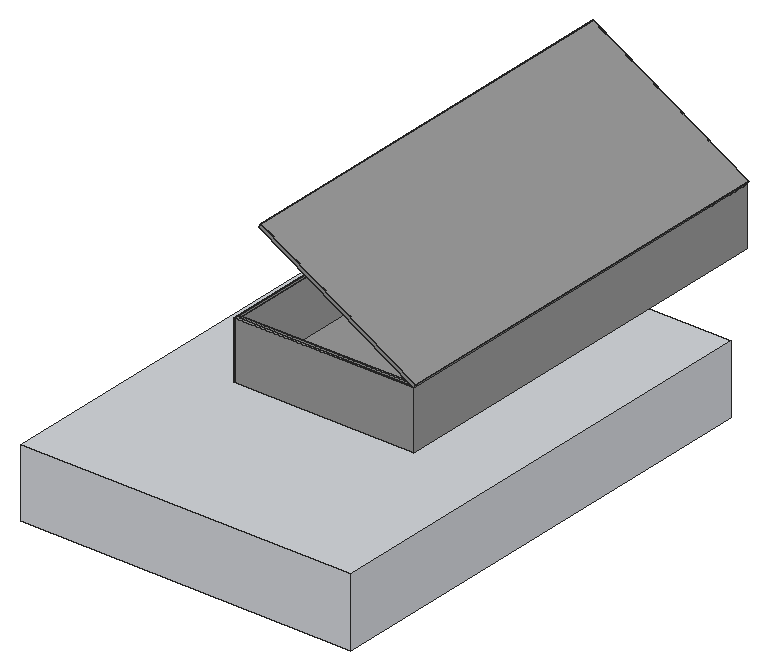
Revit family "Hager-Univers-IP41-D275-H1850-Cl.I-Steel_encl-PL-en", category Equipement électrique, Revit 2020
Family settings
  Hôte = Face
  Configuration du panneau = Deux colonnes, circuits au sein
  Cote de connecteur circulaire = Utiliser le diamètre
  Type d'élément = Tableau de raccordement
  Couper avec des vides une fois chargée = Non
  Partagée = Non
  Point de calcul de pièce = Non
Parameters (values of type "Surface mounted (plaster) IP41 W800 H1850 D275  - FS23E")
  Width Control [instance] = if([EF000008 - Width] > Min Width, [EF000008 - Width], Min Width)  # 800 mm
  Commentaires du type = [HG000003 - Range]  # "Univers"
  Thickness Door [instance] = if([EF009171 - Material plate thickness door/cover] > 3 mm, 3 mm, [EF009171 - Material plate thickness door/cover])  # 1.5 mm
  Seal Frame Offset [instance] = 17 mm  # constant formula
  Plinth Visibility [instance] = [HG000027 - Plinth height] > 0 mm  # no
  Model = ""
  Min Width [instance] = 100 mm  # constant formula
  Min Height [instance] = 100 mm  # constant formula
  Min Depth [instance] = (2 * [EF009170 - Material plate thickness cabinet]) + 1 mm  # 4 mm
  Internal Frame Depth [instance] = (Door System Depth * 0.5)  # 9 mm
  Height Control [instance] = if([EF000040 - Height] > Min Height, [EF000040 - Height], Min Height)  # 1850 mm
  HG000027 - Plinth height = 0 mm
  HG000026 - Floor standing = no
  HG000024 - Bottom section height = 800 mm
  HG000023 - Double section enclosure = no
  HG000016 - Door 3d visibility [instance] = yes
  HG000015 - Clearance visibility [instance] = no
  HG000014 - Door on the right [instance] = yes
  HG000013 - Door on the left [instance] = not([HG000014 - Door on the right])  # no
  HG000012 - Door swing angle [instance] = 30.00°
  HG000010 - Asymmetric doors = no
  HG000009 - Double swing door = no
  HG000006 - Flush mounted = no
  HG000004 - Manufacturer reference = "FS23E"
  HG000003 - Range = "Univers"
  HG000002 - With door or cover = yes
  Frame Offset Bottom [instance] = 10 mm  # constant formula
  Frame Offset [instance] = 15 mm  # constant formula
  EF015940 - Cover with overpressure release = no
  EF011959 - Degree of protection (NEMA) = ""
  EF009554 - Number of openings for flange plates = 6
  EF009212 - Cover model = "EV000116 - Closed"
  EF009171 - Material plate thickness door/cover = 1.5 mm
  EF009170 - Material plate thickness cabinet = 1.5 mm
  Fabricant = "Hager"  # constant formula
  EF008873 - Nominal current (In) = 630 A
  EF007800 - Suitable for lightning protection = no
  EF006306 - With lock = no
  EF006244 - Transparent cover/door = no
  EF005474 - Degree of protection (IP) = "EV006416 - IP41"
  EF004464 - Type of door = "EV002646 - Single"
  EF004427 - Number of modules = 432
  EF004293 - Impact strength = "EV006813 - IK07"
  EF003532 - Suitable for outdoor use = no
  EF002950 - Width in number of modular spacings = 24
  EF001613 - Circuit integrity = "EV000494 - None"
  EF001596 - Material housing = "EV000179 - Steel"
  EF001131 - Internal depth = 275 mm
  EF001088 - Extension possible = yes
  EF000437 - Number of conduit inlets = 6
  EF000339 - Type of cover = "EV004216 - Door"
  EF000266 - Number of rows = 12
  EF000218 - Built-in depth = 0 mm
  EF000118 - With mounting plate = no
  EF000116 - RAL-number = "7035"
  EF000049 - Depth = 275 mm
  EF000040 - Height = 1850 mm
  EF000008 - Width = 800 mm
  EF000007 - Colour = "EV000270 - Grey"
  EF000003 - Mounting method = "EV000384 - Surface mounted (plaster)"
  Door System Leaf Tolerance [instance] = 1.5 mm  # constant formula
  Door System Depth [instance] = 18 mm  # constant formula
  Door Height [instance] = Height Control - [HG000027 - Plinth height]  # 1850 mm
  Depth Control [instance] = if([EF000049 - Depth] > Min Depth, [EF000049 - Depth], Min Depth)  # 275 mm
  Default Elevation = 0 mm
  Connector Offset [instance] = Height Control / 2  # 925 mm
  Bottom Top Plate Trim [instance] = 1.5 mm  # constant formula
  Plinth height Ctrl [instance] = if([HG000027 - Plinth height] > 0 mm, [HG000027 - Plinth height], 12 mm)  # 12 mm
Types (5, lengths in mm): name | Width Control | HG000009 - Double swing door | HG000004 - Manufacturer reference | EF009554 - Number of openings for flange plates | EF004464 - Type of door | EF004427 - Number of modules | EF000437 - Number of conduit inlets | EF000008 - Width
  Surface mounted (plaster) IP41 W1050 H1850 D275  - FS24E | 1050 | yes | "FS24E" | 8 | "EV003602 - Double" | 576 | 8 | 1050
  Surface mounted (plaster) IP41 W1300 H1850 D275  - FS25E | 1300 | yes | "FS25E" | 10 | "EV003602 - Double" | 720 | 10 | 1300
  Surface mounted (plaster) IP41 W300 H1850 D275  - FS21E | 300 | no | "FS21E" | 2 | "EV002646 - Single" | 144 | 2 | 300
  Surface mounted (plaster) IP41 W550 H1850 D275  - FS22E | 550 | no | "FS22E" | 4 | "EV002646 - Single" | 288 | 4 | 550
  Surface mounted (plaster) IP41 W800 H1850 D275  - FS23E | 800 | no | "FS23E" | 6 | "EV002646 - Single" | 432 | 6 | 800
Reference planes
  plane 1 "Center (Front/Back)": y = 0
  plane 2: z = 0
  plane 3 "Center (Left/Right)": x = 0
  plane 4: z = 275
  plane 5: y = 1.5
  plane 6: y = 925
  plane 7: y = 0
  plane 8: y = 1850
  plane 9: z = 0
  plane 10: x = -385
  plane 11: x = 385
  plane 12: x = 383.5
  plane 13: x = -383.5
  plane 14: y = 1848.5
  plane 15: x = -383
  plane 16: x = -400
  plane 17: x = 383
  plane 18: x = 400
  plane 19: x = 398.5
  plane 20: x = -398.5
  plane 21: y = 11.5
  plane 22: y = 1850
  plane 23: y = 1833.5
  plane 24: z = 257
  plane 25: z = 1.5
  plane 26: z = 255.5
  plane 27: z = 273.5
Forms (mm)
  Extrusion 1, solid
    sketch origin (0, 0, 0) x (1, 0, 0) y (0, 1, 0)
      loop
        line (-702.964, 1305) -> (-702.964, -811.445) -> (766.763, -811.445) -> (766.763, 1305) -> (-702.964, 1305)
    from 0 to -304.8
  Extrusion 2, solid, material "Hager_Steel_RAL7035_Light_Grey", visible <- "Plinth Visibility", detail levels medium+fine
    sketch origin (0, 0, 0) x (1, 0, 0) y (0, 1, 0)
      loop
        line (-400, 0) -> (400, 0) -> (400, 12) -> (-400, 12) -> (-400, 0)
    from 0 to 257
  Extrusion 3, solid, material "Hager_Steel_RAL7035_Light_Grey", detail levels medium+fine
    sketch origin (0, 0, 0) x (1, 0, 0) y (0, 1, 0)
      loop
        line (-400, 0) -> (400, 0) -> (400, 1850) -> (-400, 1850) -> (-400, 0)
    from 0 to 257
  Extrusion 4, void
    sketch origin (0, 0, 0) x (1, 0, 0) y (0, 1, 0)
      loop
        line (-398.5, 1.5) -> (398.5, 1.5) -> (398.5, 1848.5) -> (-398.5, 1848.5) -> (-398.5, 1.5)
    from 1.5 to 255.5
  Extrusion 5, void
    sketch origin (-381.607, -4572, 257) x (0, -1, 0) y (-1, 0, 0)
      loop
        line (-4583.5, 1.893) -> (-6405.5, 1.893) -> (-6405.5, -765.107) -> (-4583.5, -765.107) -> (-4583.5, 1.893)
    from 0 to 1.5 <- "EF009170 - Material plate thickness cabinet"
  Extrusion 6, solid, material "Hager_Steel_RAL7035_Light_Grey", detail levels fine
    sketch origin (0, 0, 257) x (1, 0, 0) y (0, 1, 0)
      loop
        line (-383.5, 1833.5) -> (-383.5, 11.5) -> (383.5, 11.5) -> (383.5, 1833.5) -> (-383.5, 1833.5)
      loop
        line (-385, 10) -> (385, 10) -> (385, 1835) -> (-385, 1835) -> (-385, 10)
    from 0 to 9 <- "Internal Frame Depth"
  Extrusion 7, solid, material "Hager_Steel_RAL7035_Light_Grey", detail levels coarse
    sketch origin (0, 0, 0) x (1, 0, 0) y (0, 1, 0)
      loop
        line (-400, 0) -> (400, 0) -> (400, 1850) -> (-400, 1850) -> (-400, 0)
    from 0 to 275
  Sweep 8, void
    path in 3D
      loop
        line (-400, 12, 0) -> (400, 12, 0) -> (400, 12, 257) -> (-400, 12, 257) -> (-400, 12, 0)
    profile origin (-400, 12, 128.5) x (-1, 0, 0) y (0, -1, 0)
      loop
        line (0, 0) -> (0, 1.5) -> (-1.5, 1.5)
        arc (-1.5, 1.5) -> (-1.061, 0.439) -> (0, 0) r 1.5
Cuts and joins
  Extrusion 4, Extrusion 5 cuts Extrusion 3
  Sweep 8 cuts Extrusion 2
Lines and regions (mm)
  Masking region 1
    outline origin (0, 0, 0) x (1, 0, 0) y (0, 0, 1)
      loop
        line (-400, 275) -> (-400, 0) -> (400, 0) -> (400, 275) -> (-400, 275)
  Masking region 2, detail levels medium+fine
    outline origin (0, 140, 0) x (0, 1, 0) y (0, 0, 1)
      loop
        line (-140, 0) -> (1710, 0) -> (1710, 257) -> (-140, 257) -> (-140, 0)
  Masking region 3, not visible, detail levels medium+fine
    outline origin (0, 297.922, 0) x (0, 1, 0) y (0, 0, 1)
      loop
        line (638.578, 0) -> (678.578, 0) -> (678.578, 263.5)
        arc (678.578, 263.5) -> (675.649, 270.571) -> (668.578, 273.5) r 10
        line (668.578, 273.5) -> (638.578, 273.5) -> (638.578, 0)
  Masking region 4, detail levels coarse
    outline origin (0, 0, 180) x (0, 1, 0) y (0, 0, 1)
      loop
        line (0, -180) -> (1850, -180) -> (1850, 95) -> (0, 95) -> (0, -180)
  Masking region 5, visible <- "Plinth Visibility", detail levels medium+fine
    outline origin (0, 52.24, 12.345) x (0, 0, -1) y (0, 1, 0)
      loop
        line (10.845, -40.24) -> (-243.155, -40.24)
        arc (-243.155, -40.24) -> (-243.594, -41.301) -> (-244.655, -41.74) r 1.5
        line (-244.655, -41.74) -> (-244.655, -52.24) -> (12.345, -52.24) -> (12.345, -41.74)
        arc (12.345, -41.74) -> (11.285, -41.301) -> (10.845, -40.24) r 1.5
  Masking region 6, detail levels medium+fine
    outline origin (-381.607, -4572, 257) x (-1, 0, 0) y (0, -1, 0)
      loop
        line (18.393, -6422) -> (18.393, -4572) -> (-781.607, -4572) -> (-781.607, -6422) -> (18.393, -6422)
  Masking region 7, visible <- "Plinth Visibility", detail levels medium+fine
    outline origin (-381.607, -4727, 257) x (-1, 0, 0) y (0, -1, 0)
      loop
        arc (16.893, -4739) -> (17.332, -4737.939) -> (18.393, -4737.5) r 1.5
        line (18.393, -4737.5) -> (18.393, -4727) -> (-781.607, -4727) -> (-781.607, -4737.5)
        arc (-781.607, -4737.5) -> (-780.546, -4737.939) -> (-780.107, -4739) r 1.5
        line (-780.107, -4739) -> (16.893, -4739)
  Masking region 8, detail levels coarse
    outline origin (-442.548, -4669.526, 257) x (-1, 0, 0) y (0, -1, 0)
      loop
        line (-42.548, -6519.526) -> (-42.548, -4669.526) -> (-842.548, -4669.526) -> (-842.548, -6519.526) -> (-42.548, -6519.526)
  sketch lines
    curve 1: line (-400, 12, 257) -> (-400, 12, 0)
    curve 2: line (400, 12, 257) -> (-400, 12, 257)
    curve 3: line (400, 12, 257) -> (400, 12, 0)
    curve 4: line (-400, 12, 0) -> (400, 12, 0)
Dimensions and locks
  "Depth Control": plane 4 to Extrusion 1
  "HG000027 - Plinth height": plane 1 "Center (Front/Back)" to plane 7
  "EF009170 - Material plate thickness cabinet": plane 5 to plane 7
  locked: connector elem to plane 3 "Center (Left/Right)"
  equal spacing: plane 8, plane 6, plane 7
  locked: connector elem to plane 6
  "EF009170 - Material plate thickness cabinet": plane 8 to plane 14
  "EF009170 - Material plate thickness cabinet": plane 10 to plane 13
  "EF009170 - Material plate thickness cabinet": plane 12 to plane 11
  "Frame Offset": plane 20 to plane 13
  "Frame Offset": plane 12 to plane 19
  "EF009170 - Material plate thickness cabinet": plane 16 to plane 20
  "EF009170 - Material plate thickness cabinet": plane 19 to plane 18
  "Seal Frame Offset": plane 16 to plane 15
  "Seal Frame Offset": plane 17 to plane 18
  "Frame Offset Bottom": plane 21 to plane 5
  "Frame Offset": plane 14 to plane 23
  equal spacing: plane 16, plane 3 "Center (Left/Right)", plane 18
  "Width Control": plane 16 to plane 18
  "EF009170 - Material plate thickness cabinet": plane 4 to plane 27
  "EF009170 - Material plate thickness cabinet": plane 24 to plane 26
  "EF009170 - Material plate thickness cabinet": plane 25 to level
  "Door System Depth": plane 4 to plane 24
  "Height Control": plane 1 "Center (Front/Back)" to Extrusion 7 sketch curve
  "Height Control": Masking region 4 sketch curve to plane 1 "Center (Front/Back)"
  "Height Control": plane 1 "Center (Front/Back)" to plane 22
  "Bottom Top Plate Trim": profile plane to Sweep 8 sketch curve
  "Bottom Top Plate Trim": Sweep 8 sketch curve to profile plane
  "Plinth height Ctrl": plane 1 "Center (Front/Back)" to Extrusion 2 sketch curve
  "Plinth height Ctrl": Masking region 5 sketch curve to plane 1 "Center (Front/Back)"
  "Plinth height Ctrl": plane 1 "Center (Front/Back)" to Masking region 7 sketch curve
  "Thickness Door": Extrusion 6 sketch curve to Extrusion 6 sketch curve  (x3)
  "Thickness Door": cut or joined group of Extrusion 3, Extrusion 4, Extrusion 5 to Extrusion 6 sketch curve
  radius of Masking region 3 sketch curve = 10 mm
  "Bottom Top Plate Trim": radius of Masking region 5 sketch curve  (x2)
  "Bottom Top Plate Trim": radius of Sweep 8 sketch curve
  "Bottom Top Plate Trim": radius of Masking region 7 sketch curve  (x2)
  aligned and locked: plane 2 to Extrusion 1
  aligned and locked: level to Extrusion 1
  aligned and locked: level to Masking region 1 sketch curve
  aligned and locked: Masking region 1 sketch curve to plane 18
  aligned and locked: Masking region 1 sketch curve to plane 16
  aligned and locked: plane 7 to Masking region 2 sketch curve
  aligned and locked: level to Masking region 3 sketch curve
  aligned and locked: Masking region 3 sketch curve to plane 27
  aligned and locked: level to Masking region 2 sketch curve
  aligned and locked: plane 1 "Center (Front/Back)" to Extrusion 2 sketch curve
  aligned and locked: Extrusion 3 sketch curve to plane 7
  aligned and locked: plane 16 to Extrusion 3 sketch curve
  aligned and locked: plane 18 to Extrusion 3 sketch curve
  aligned and locked: plane 20 to Extrusion 4 sketch curve
  aligned and locked: plane 19 to Extrusion 4 sketch curve
  aligned and locked: Extrusion 4 sketch curve to plane 5
  aligned and locked: Extrusion 4 to plane 25
  aligned and locked: plane 26 to Extrusion 4
  aligned and locked: plane 24 to Extrusion 3
  aligned and locked: Extrusion 5 sketch curve to plane 21
  aligned and locked: Extrusion 5 sketch curve to plane 13
  aligned and locked: Extrusion 5 sketch curve to plane 12
  aligned and locked: plane 18 to Extrusion 7 sketch curve
  aligned and locked: plane 1 "Center (Front/Back)" to Extrusion 7 sketch curve
  aligned and locked: plane 16 to Extrusion 7 sketch curve
  aligned and locked: plane 4 to Extrusion 7
  aligned and locked: Extrusion 7 to level
  aligned and locked: level to Masking region 4 sketch curve
  aligned and locked: Masking region 4 sketch curve to plane 1 "Center (Front/Back)"
  aligned and locked: Masking region 4 sketch curve to plane 4
  aligned and locked: nested 1 to level
  aligned and locked: nested 1 to plane 16
  aligned and locked: plane 8 to Extrusion 3 sketch curve
  aligned and locked: plane 23 to Extrusion 5 sketch curve
  aligned and locked: plane 14 to Extrusion 4 sketch curve
  aligned and locked: Masking region 2 sketch curve to plane 8
  aligned and locked: level to Masking region 5 sketch curve
  aligned and locked: plane 16 to Extrusion 2 sketch curve
  aligned and locked: plane 18 to Extrusion 2 sketch curve
  aligned and locked: Masking region 5 sketch curve to plane 24
  aligned and locked: Masking region 2 sketch curve to plane 24
  aligned and locked: plane 24 to Extrusion 2
  aligned and locked: profile plane to Sweep 8 sketch curve  (x2)
  aligned and locked: Masking region 6 sketch curve to plane 18
  aligned and locked: Masking region 6 sketch curve to plane 22
  aligned and locked: Masking region 6 sketch curve to plane 16
  aligned and locked: plane 8 to plane 22
  aligned and locked: Masking region 6 sketch curve to plane 7
  aligned and locked: Masking region 7 sketch curve to plane 16
  aligned and locked: Masking region 7 sketch curve to plane 1 "Center (Front/Back)"
  aligned and locked: Masking region 7 sketch curve to plane 18
  aligned and locked: Masking region 8 sketch curve to plane 1 "Center (Front/Back)"
  aligned and locked: Masking region 8 sketch curve to plane 18
  aligned and locked: Masking region 8 sketch curve to plane 22
  aligned and locked: Masking region 8 sketch curve to plane 16
  aligned and locked: nested 2 to plane 7
  aligned and locked: plane 3 "Center (Left/Right)" to nested 2
  aligned and locked: nested 2 to plane 24
  aligned and locked: Extrusion 6 sketch curve to cut or joined group of Extrusion 3, Extrusion 4, Extrusion 5  (x4)
Automatic sketch dimensions
  Extrusion 1 sketch curve to Extrusion 1 sketch curve = 1469.727 mm
  Extrusion 1 sketch curve to Extrusion 1 sketch curve = 2116.445 mm
  Masking region 1 sketch curve to plane 4 = 0 mm
  plane 6 to Masking region 3 sketch curve = 11.5 mm
  Masking region 3 sketch curve to Masking region 3 sketch curve = 30 mm
  Masking region 5 sketch curve to plane 1 "Center (Front/Back)" = 0 mm
Nested families
  nested 1: "Hager_Enclosure_Symbol" at (-400, 0, 0) x (1, 0, 0) z (0, -1, 0), Height <- "Depth Control", Width <- "Width Control", type "Hager_Enclosure_Symbol"
    with Width_Ctrl 800 mm, Width 800 mm, Height_Ctrl 275 mm, Height 275 mm, A_Width_Int 18.047 mm, A_Width 216.562 mm, A_Height_Ctrl 240.625 mm, A_Height 240.625 mm
  nested 2: "EC000058_Univers_Door" at (0, 0, 257) x (1, 0, 0) z (0, 1, 0), Leaf_Tolerance <- "Door System Leaf Tolerance", Angle <- "HG000012 - Door swing angle", Door_Depth <- "Door System Depth", Door_Left <- "HG000013 - Door on the left", Transparent <- "EF006244 - Transparent cover/door", Assymetrical <- "HG000010 - Asymmetric doors", Width <- "Width Control", Clearance <- "HG000015 - Clearance visibility", Double <- "HG000009 - Double swing door", 3d_Door <- "HG000016 - Door 3d visibility", Lock_Visibility <- "EF006306 - With lock", Width_Ctrl <- "Width Control", Door_Right <- "HG000014 - Door on the right", Door <- "HG000002 - With door or cover", Height <- "Door Height", Thickness <- "Thickness Door", type "EC000058_Univers_Door", detail levels medium+fine
    with min_wh 4 mm, Width_Ctrl 800 mm, Width 800 mm, Transparent no, Thickness 1.5 mm, Seal_Material Hager_Rubber, Lock_Visibility no, Lock_Material Hager_Plastic_RAL9005_Jet_Black, Leaf_Width 800 mm, Leaf_Tolerance_External_Sides 0 mm, Leaf_Tolerance 1.5 mm, Leaf_Offset 0 mm, Leaf_Height 1847 mm, Leaf_2_Width 800 mm, Leaf_2_Offset 400 mm, Leaf_1_Width 800 mm, Leaf_1_Offset 400 mm, Height_Ctrl 1850 mm, Height 1850 mm, Glass_Material Hager_Glass, Double_Clearance_Ctrl no, Double no, Door_Right_Ctrl yes, Door_Right yes, Door_Material Hager_Steel_RAL7035_Light_Grey, Door_Left_Ctrl no, Door_Left no, Door_Depth 18 mm, Door yes, Clearance_Material Hager_Clearance, Clearance_Depth 800 mm, Clearance_Ctrl no, Clearance no, Assymetrical no, Angle 30.00°, 3d_Door yes
Connectors
  electrical at (0, 925, 0)
    settings: on plane 9, index 1, voltage 0 V, apparent load 0 VA, apparent load phase1 0 VA, apparent load phase2 0 VA, apparent load phase3 0 VA, power factor 1, load classification "Other", number of poles 1, system type 30, power factor state 1, is connector primary yes, connector utility no, sub classification motor no, connector description ""
Definition of nested family "EC000058_Univers_Door"
  Parameters (values of type "EC000058_Univers_Door")
    min_wh [instance] = (2 * Thickness) + 1 mm  # 11 mm
    Width_Ctrl [instance] = 400 mm
    Width [instance] = 500 mm
    Transparent [instance] = yes
    Thickness [instance] = 5 mm
    Seal_Material [instance] = none
    Lock_Visibility [instance] = yes
    Lock_Material [instance] = none
    Leaf_Width [instance] = if((Width_Ctrl - 2 * Leaf_Tolerance_External_Sides) > 0 mm, (Width_Ctrl - 2 * Leaf_Tolerance_External_Sides), min_wh)  # 400 mm
    Leaf_Tolerance_External_Sides [instance] = 0 mm  # constant formula
    Leaf_Tolerance [instance] = 1.5 mm
    Leaf_Offset [instance] = 0 mm  # constant formula
    Leaf_Height [instance] = if((Height_Ctrl - 2 * Leaf_Tolerance) > 0 mm, (Height_Ctrl - 2 * Leaf_Tolerance), min_wh)  # 497 mm
    Leaf_2_Width [instance] = if(and(and(Double, Assymetrical), Door_Left), (Leaf_Width / 3) - (Leaf_Tolerance / 2), if(and(and(Double, Assymetrical), Door_Right), (Leaf_Width / 3) * 2 - (Leaf_Tolerance / 2), if(and(Double, not(Assymetrical)), (Leaf_Width / 2) - Leaf_Tolerance, Leaf_Width)))  # 400 mm
    Leaf_2_Offset [instance] = if(and(Double, Assymetrical), Leaf_2_Width / 2, if(and(Double, not(Assymetrical)), Leaf_Width / 4, Leaf_Width / 2))  # 200 mm
    Leaf_1_Width [instance] = if(and(and(Double, Assymetrical), Door_Right), (Leaf_Width / 3) - (Leaf_Tolerance / 2), if(and(and(Double, Assymetrical), Door_Left), (Width / 3) * 2 - (Leaf_Tolerance / 2), if(and(Double, not(Assymetrical)), (Leaf_Width / 2) - Leaf_Tolerance, Leaf_Width)))  # 400 mm
    Leaf_1_Offset [instance] = if(and(Double, Assymetrical), Leaf_1_Width / 2, if(and(Double, not(Assymetrical)), Leaf_Width / 4, Leaf_Width / 2))  # 200 mm
    Height_Ctrl [instance] = if(Height > min_wh, Height, min_wh)  # 500 mm
    Height [instance] = 500 mm
    Glass_Material [instance] = none
    Double_Clearance_Ctrl [instance] = and(Double, Clearance)  # no
    Double [instance] = no
    Door_Right_Ctrl [instance] = and(or(Door_Right, Double), Door)  # yes
    Door_Right [instance] = yes
    Door_Material [instance] = none
    Door_Left_Ctrl [instance] = and(or(Door_Left, Double), Door)  # no
    Door_Left [instance] = no
    Door_Depth [instance] = 30 mm
    Door [instance] = yes
    Default Elevation = 1219.2 mm
    Clearance_Material [instance] = none
    Clearance_Depth [instance] = if(Leaf_1_Width > Leaf_2_Width, Leaf_1_Width, Leaf_2_Width)  # 400 mm
    Clearance_Ctrl [instance] = and(not(Double), Clearance)  # yes
    Clearance [instance] = yes
    Assymetrical [instance] = yes
    Angle [instance] = 30.00°
    3d_Door [instance] = yes
  Reference planes
    plane 1 "Center (Front/Back)": y = 0
    plane 2 "Bottom": z = 0
    plane 3 "Center (Left/Right)": x = 0
    plane 4: z = 500
    plane 5: x = -200
    plane 6: x = 200
    plane 7: z = 500
    plane 8: x = -200
    plane 9: z = 0
    plane 10: x = 200
    plane 11: y = 0
    plane 12: z = 1.5
    plane 13: x = -600
    plane 14: y = -400
    plane 15: x = 600
    plane 16: x = 0
    plane 17: x = 0
    plane 18: x = -200
    plane 19: x = 200
    plane 20: z = 498.5
  Forms (mm)
    Extrusion 1, solid, material <- "Clearance_Material", visible <- "Double_Clearance_Ctrl"
      sketch origin (1200, 0, 0) x (1, 0, 0) y (0, 0, -1)
        loop
          line (-1800, -498.5) -> (-600, -498.5) -> (-600, 0) -> (-1800, 0) -> (-1800, -498.5)
      from 0 to -400
  Dimensions and locks
    equal spacing: plane 5, plane 3 "Center (Left/Right)", plane 6
    "Width_Ctrl": plane 5 to plane 6
    "Leaf_Offset": plane 5 to plane 8
    "Leaf_Offset": plane 6 to plane 10
    "Leaf_Offset": plane 9 to level
    "Leaf_Offset": plane 4 to plane 7
    "Height_Ctrl": plane 4 to level
    "Leaf_Tolerance": plane 12 to plane 9
    locked: plane 11 to plane 1 "Center (Front/Back)"
    "Leaf_1_Offset": plane 18 to plane 16
    "Leaf_2_Offset": plane 17 to plane 19
    "Leaf_1_Width": plane 13 to plane 8
    "Leaf_2_Width": plane 10 to plane 15
    "Clearance_Depth": plane 14 to plane 1 "Center (Front/Back)"
    "Leaf_Tolerance_External_Sides": plane 8 to plane 18
    "Leaf_Tolerance_External_Sides": plane 19 to plane 10
    "Leaf_Tolerance": plane 7 to plane 20
    aligned and locked: level to plane 2 "Bottom"
    aligned and locked: nested 1 to plane 16
    aligned and locked: nested 2 to plane 17
    aligned and locked: Extrusion 1 to plane 13
    aligned and locked: plane 15 to Extrusion 1
    aligned and locked: Extrusion 1 to plane 14
    aligned and locked: plane 12 to nested 1
    aligned and locked: nested 2 to plane 12
    aligned and locked: Extrusion 1 to plane 11
    aligned and locked: plane 20 to Extrusion 1
    aligned and locked: nested 2 to plane 11
    aligned and locked: nested 1 to plane 11
  Automatic sketch dimensions
    Extrusion 1 sketch curve to level = 0 mm
    plane 5 to Extrusion 1 sketch curve = 400 mm
    plane 6 to Extrusion 1 sketch curve = 400 mm
    Extrusion 1 sketch curve to plane 4 = 1.5 mm
  Nested families
    nested 1: "EC000058_Univers_Door_Leaf" at (0, 0, 1.5), Width <- "Leaf_1_Width", visible <- "Door_Left_Ctrl", Leaf_Height <- "Leaf_Height", Angle <- "Angle", 3d_Door <- "3d_Door", Transparent <- "Transparent", Clearance Material <- "Clearance_Material", Clearance <- "Clearance_Ctrl", Door_Material <- "Door_Material", Glass_Material <- "Glass_Material", Door_Depth <- "Door_Depth", Lock_Material <- "Lock_Material", Seal_Material <- "Seal_Material", Lock_Visibility <- "Lock_Visibility", Thickness <- "Thickness", type "EC000058_Univers_Door_Leaf"
      with Width 400 mm, Transparent_Glass_Offset 30 mm, Transparent_Ctrl yes, Transparent yes, Thickness 5 mm, Standard no, Seal_Material none, Seal_D2 8 mm, Seal_D1 1 mm, Offset_Internal_Frame 10 mm, Lock_Width 20 mm, Lock_Visibility_3d yes, Lock_Visibility yes, Lock_Thickness_3 3 mm, Lock_Thickness_2 1 mm, Lock_Thickness_1 3 mm, Lock_Radius_Offset_2 16 mm, Lock_Radius_Offset_1 15 mm, Lock_Radius_2 5 mm, Lock_Radius 6 mm, Lock_Offset 5 mm, Lock_Material none, Lock_Height 80 mm, Lock_Cover_Top_Offset_2d 17 mm, Lock_Cover_Height -65 mm, Leaf_Height 497 mm, Internal_Seal_Thickness 8 mm, Internal_Seal_Depth_2 4.5 mm, Internal_Frame_Depth 25 mm, Glass_Thickness -1 mm, Glass_Offset -2 mm, Glass_Material none, Door_Material none, Door_Depth 30 mm, Clearance Material none, Clearance yes, Angle_Ctrl 30.00°, Angle 30.00°, 3d_Door yes
    nested 2: "EC000058_Univers_Door_Leaf" at (0, 0, 1.5) x (-1, 0, 0) z (0, 0, 1), Width <- "Leaf_2_Width", visible <- "Door_Right_Ctrl", Leaf_Height <- "Leaf_Height", Angle <- "Angle", 3d_Door <- "3d_Door", Transparent <- "Transparent", Clearance Material <- "Clearance_Material", Clearance <- "Clearance_Ctrl", Door_Material <- "Door_Material", Glass_Material <- "Glass_Material", Door_Depth <- "Door_Depth", Lock_Material <- "Lock_Material", Seal_Material <- "Seal_Material", Lock_Visibility <- "Lock_Visibility", Thickness <- "Thickness", type "EC000058_Univers_Door_Leaf"
      with Width 400 mm, Transparent_Glass_Offset 30 mm, Transparent_Ctrl yes, Transparent yes, Thickness 5 mm, Standard no, Seal_Material none, Seal_D2 8 mm, Seal_D1 1 mm, Offset_Internal_Frame 10 mm, Lock_Width 20 mm, Lock_Visibility_3d yes, Lock_Visibility yes, Lock_Thickness_3 3 mm, Lock_Thickness_2 1 mm, Lock_Thickness_1 3 mm, Lock_Radius_Offset_2 16 mm, Lock_Radius_Offset_1 15 mm, Lock_Radius_2 5 mm, Lock_Radius 6 mm, Lock_Offset 5 mm, Lock_Material none, Lock_Height 80 mm, Lock_Cover_Top_Offset_2d 17 mm, Lock_Cover_Height -65 mm, Leaf_Height 497 mm, Internal_Seal_Thickness 8 mm, Internal_Seal_Depth_2 4.5 mm, Internal_Frame_Depth 25 mm, Glass_Thickness -1 mm, Glass_Offset -2 mm, Glass_Material none, Door_Material none, Door_Depth 30 mm, Clearance Material none, Clearance yes, Angle_Ctrl 30.00°, Angle 30.00°, 3d_Door yes
  Definition of nested family "EC000058_Univers_Door_Leaf"
    Parameters (values of type "EC000058_Univers_Door_Leaf")
      Width [instance] = 2000 mm
      Transparent_Glass_Offset [instance] = 30 mm
      Transparent_Ctrl [instance] = and(Transparent, [3d_Door])  # yes
      Transparent [instance] = yes
      Thickness [instance] = 5 mm
      Standard [instance] = and(not(Transparent), [3d_Door])  # no
      Seal_Material [instance] = none
      Seal_D2 [instance] = 8 mm  # constant formula
      Seal_D1 [instance] = 1 mm  # constant formula
      Offset_Internal_Frame [instance] = 10 mm  # constant formula
      Lock_Width [instance] = 20 mm  # constant formula
      Lock_Visibility_3d [instance] = and(Lock_Visibility, [3d_Door])  # yes
      Lock_Visibility [instance] = yes
      Lock_Thickness_3 [instance] = 3 mm  # constant formula
      Lock_Thickness_2 [instance] = 1 mm  # constant formula
      Lock_Thickness_1 [instance] = 3 mm  # constant formula
      Lock_Radius_Offset_2 [instance] = Lock_Radius_Offset_1 + 1 mm  # 16 mm
      Lock_Radius_Offset_1 [instance] = 15 mm  # constant formula
      Lock_Radius_2 [instance] = Lock_Radius - 1 mm  # 5 mm
      Lock_Radius [instance] = 6 mm  # constant formula
      Lock_Offset [instance] = 5 mm  # constant formula
      Lock_Material [instance] = none
      Lock_Height [instance] = 80 mm  # constant formula
      Lock_Cover_Top_Offset_2d [instance] = Lock_Radius_Offset_2 + 1 mm  # 17 mm
      Lock_Cover_Height [instance] = -(Lock_Height - Lock_Radius_Offset_1)  # -65 mm
      Leaf_Height [instance] = 2720.336 mm
      Internal_Seal_Thickness [instance] = 8 mm  # constant formula
      Internal_Seal_Depth_2 [instance] = 4.5 mm  # constant formula
      Internal_Frame_Depth [instance] = if(Door_Depth - Thickness > 5 mm, Door_Depth - Thickness, 5 mm)  # 25 mm
      Glass_Thickness [instance] = if(Thickness > 15 mm, Glass_Offset + 10 mm, -1 mm)  # -1 mm
      Glass_Offset [instance] = if(Thickness > 15 mm, -(Thickness + 10 mm) / 2, -2 mm)  # -2 mm
      Glass_Material [instance] = none
      Door_Material [instance] = none
      Door_Depth [instance] = 30 mm
      Default Elevation = 0 mm
      Clearance Material [instance] = none
      Clearance [instance] = yes
      Angle_Ctrl [instance] = if(Angle > 180.00°, 180.00°, Angle)  # 90.00°
      Angle [instance] = 90.00°
      3d_Door [instance] = yes
    Reference planes
      plane 1 "Center (Front/Back)": y = 0
      plane 2: z = 0
      plane 3 "Center (Left/Right)": x = 0
      plane 4: y = 2000
      plane 5: x = -1000
      plane 6: x = 1000
      plane 7: x = -3000
      plane 8: z = 2720.336
      plane 9: z = 30
      plane 10: z = 2690.336
      plane 11: x = 970
      plane 12: x = -970
      plane 13: y = -3
      plane 14: z = 107.833
      plane 15: y = -5
      plane 16: y = -223.314
      plane 17: x = -1000
      plane 18: z = 1360.168
      plane 19: y = 30
    Forms (mm)
      Extrusion 1, solid, material <- "Clearance Material", visible <- "Clearance"
        sketch origin (0, 0, 0) x (1, 0, 0) y (0, 0, 1)
          loop
            line (-3000, 2720.336) -> (-3000, 0) -> (1000, 0) -> (1000, 2720.336) -> (-3000, 2720.336)
        from 0 to -2000
      Extrusion 2, solid, material <- "Door_Material", visible <- "Standard", detail levels medium+fine
        sketch origin (-1000, 0, 0) x (0, 1, 0) y (-1, 0, 0)
          loop
            line (0, 30) -> (0, 25) -> (2000, 25) -> (2000, 30) -> (0, 30)
        from 0 to 2720.336 <- "Leaf_Height"
      Extrusion 3, solid, material <- "Door_Material", visible <- "Transparent_Ctrl", detail levels medium+fine
        sketch origin (-1000, 0, 0) x (0, 1, 0) y (-1, 0, 0)
          loop
            line (0, 25) -> (2000, 25) -> (2000, 30) -> (0, 30) -> (0, 25)
        from 0 to 2720.336 <- "Leaf_Height"
      Extrusion 4, void
        sketch origin (-1025, 2000, 0) x (0, 1, 0) y (0, 0, -1)
          loop
            line (-30, -2690.336) -> (-30, -30) -> (-1970, -30) -> (-1970, -2690.336) -> (-30, -2690.336)
        from 0 to 5 <- "Thickness"
      Sweep 5, solid, material <- "Seal_Material", visible <- "Transparent_Ctrl", detail levels fine
        path in 3D
          loop
            line (-1025, 30, 30) -> (-1025, 30, 2690.336) -> (-1025, 1970, 2690.336) -> (-1025, 1970, 30) -> (-1025, 30, 30)
        profile origin (-1025, 1000, 30) x (1, 0, 0) y (0, 0, 1)
          loop
            line (0, 0) -> (0, -8) -> (1, -8) -> (1, 0) -> (0, 0)
      Extrusion 6, solid, material <- "Glass_Material", visible <- "Transparent_Ctrl", detail levels medium+fine
        sketch origin (-1030, 0, 0) x (0, 1, 0) y (0, 0, -1)
          loop
            line (1970, -2690.336) -> (1970, -30) -> (30, -30) -> (30, -2690.336) -> (1970, -2690.336)
        from -2 <- "Glass_Offset" to -1 <- "Glass_Thickness"
      Extrusion 7, solid, material <- "Door_Material", visible <- "3d_Door", detail levels medium+fine
        sketch origin (-1025, 2000, 0) x (0, -1, 0) y (0, 0, -1)
          loop
            line (0, -2720.336) -> (2000, -2720.336) -> (2000, 0) -> (0, 0) -> (0, -2720.336)
          loop
            line (1995, -5) -> (5, -5) -> (5, -2715.336) -> (1995, -2715.336) -> (1995, -5)
        from 0 to 25 <- "Internal_Frame_Depth"
      Sweep 8, solid, material <- "Seal_Material", visible <- "Transparent_Ctrl", detail levels fine
        path in 3D
          loop
            line (-1025, 0, 0) -> (-1025, 2000, 0) -> (-1025, 2000, 2720.336) -> (-1025, 0, 2720.336) -> (-1025, 0, 0)
        profile origin (-1025, 0, 1360.168) x (1, 0, 0) y (0, 1, 0)
          loop
            line (0, 10) -> (2.975, 10)
            arc (2.975, 10) -> (4.053, 10.447) -> (4.5, 11.525) r 1.525
            line (4.5, 11.525) -> (4.5, 16.527)
            arc (4.5, 16.527) -> (4.069, 17.569) -> (3.027, 18) r 1.473
            line (3.027, 18) -> (0, 18) -> (0, 10)
      Extrusion 9, solid, material <- "Lock_Material", visible <- "Lock_Visibility_3d", detail levels fine
        sketch origin (-1030, 0, 0) x (0, 1, 0) y (0, 0, -1)
          loop
            arc (1993.5, -1400.168) -> (1994.561, -1399.729) -> (1995, -1398.668) r 1.5
            line (1995, -1398.668) -> (1995, -1320.168) -> (1975, -1320.168) -> (1975, -1398.668)
            arc (1975, -1398.668) -> (1975.439, -1399.729) -> (1976.5, -1400.168) r 1.5
            line (1976.5, -1400.168) -> (1993.5, -1400.168)
        from 3 <- "Lock_Thickness_1" to 0
      Blend 10, solid, material <- "Lock_Material", visible <- "Lock_Visibility_3d", detail levels fine
        base sketch origin (-1033, 0, 0) x (0, 1, 0) y (0, 0, -1)
          loop
            line (1975, -1320.168) -> (1975, -1398.668)
            arc (1975, -1398.668) -> (1975.439, -1399.729) -> (1976.5, -1400.168) r 1.5
            line (1976.5, -1400.168) -> (1993.5, -1400.168)
            arc (1993.5, -1400.168) -> (1994.561, -1399.729) -> (1995, -1398.668) r 1.5
            line (1995, -1398.668) -> (1995, -1320.168) -> (1975, -1320.168)
        top sketch origin (-1033, 0, 0) x (0, 1, 0) y (0, 0, -1)
          loop
            line (1976, -1320.168) -> (1976, -1398.668)
            arc (1976, -1398.668) -> (1976.146, -1399.022) -> (1976.5, -1399.168) r 0.5
            line (1976.5, -1399.168) -> (1993.5, -1399.168)
            arc (1993.5, -1399.168) -> (1993.854, -1399.022) -> (1994, -1398.668) r 0.5
            line (1994, -1398.668) -> (1994, -1320.168) -> (1976, -1320.168)
        from 0 to 1 <- "Lock_Thickness_2"
      Blend 11, solid, material <- "Lock_Material", visible <- "Lock_Visibility_3d", detail levels fine
        base sketch origin (-1034, 0, 0) x (0, 1, 0) y (0, 0, -1)
          loop
            line (1978, -1320.168) -> (1978, -1384.168)
            arc (1978, -1384.168) -> (1985, -1391.168) -> (1992, -1384.168) r 7
            line (1992, -1384.168) -> (1992, -1320.168) -> (1978, -1320.168)
        top sketch origin (-1034, 0, 0) x (0, 1, 0) y (0, 0, -1)
          loop
            line (1991, -1320.168) -> (1979, -1320.168) -> (1979, -1383.168)
            arc (1979, -1383.168) -> (1985, -1389.168) -> (1991, -1383.168) r 6
            line (1991, -1383.168) -> (1991, -1320.168)
        from 0 to 3 <- "Lock_Thickness_3"
      Extrusion 12, solid, material <- "Lock_Material", visible <- "Lock_Visibility_3d", detail levels fine
        sketch origin (-1030, 1975, 1320.168) x (1, 0, 0) y (0, -1, 0)
          loop
            line (-7, -19) -> (-7, -1) -> (0, -1) -> (0, 0) -> (-8, 0) -> (-8, -20) -> (0, -20) -> (0, -19) -> (-7, -19)
        from 0 to -65 <- "Lock_Cover_Height"
      Extrusion 13, void
        sketch origin (-1038, 1995, 1320.168) x (-1, 0, 0) y (0, 0, -1)
          loop
            line (-5, -65) -> (0, -65) -> (-5, -60) -> (-5, -65)
        from 0 to 20 <- "Lock_Width"
      Extrusion 14, void
        sketch origin (-1038, 1975, 1320.168) x (0, -1, 0) y (0, 0, -1)
          loop
            circle (-10, -15.995) r 6
          loop
            circle (-10, -15.995) r 5
        from 0 to 2
      Extrusion 15, solid, material <- "Lock_Material", visible <- "Lock_Visibility_3d", detail levels medium
        sketch origin (-1030, 0, 0) x (0, 1, 0) y (0, 0, -1)
          loop
            arc (1993.5, -1400.168) -> (1994.561, -1399.729) -> (1995, -1398.668) r 1.5
            line (1995, -1398.668) -> (1995, -1320.168) -> (1975, -1320.168) -> (1975, -1398.668)
            arc (1975, -1398.668) -> (1975.439, -1399.729) -> (1976.5, -1400.168) r 1.5
            line (1976.5, -1400.168) -> (1993.5, -1400.168)
        from 8 to 0
    Cuts and joins
      Extrusion 4 cuts Extrusion 3
      Extrusion 13, Extrusion 14 cuts Extrusion 9
      Extrusion 14 cuts Blend 11
      Extrusion 13, Extrusion 14 cuts Extrusion 12
      joined: Extrusion 9, Blend 10, Blend 11, Extrusion 12
      Extrusion 14 cuts Extrusion 15
    Lines and regions (mm)
      Masking region 1, visible <- "Lock_Visibility", detail levels fine
        outline origin (0, 0, 0) x (0, 1, 0) y (0, 0, 1)
          loop
            line (30, 1320.168) -> (33, 1320.168) -> (33, 1400.168) -> (30, 1400.168) -> (30, 1320.168)
      Masking region 2, visible <- "Lock_Visibility", detail levels fine
        outline origin (0, 3.143, 0) x (0, 1, 0) y (0, 0, 1)
          loop
            line (29.857, 1354.168) -> (30.857, 1354.168) -> (30.857, 1366.168) -> (29.857, 1366.168) -> (29.857, 1354.168)
      Masking region 3, detail levels medium+fine
        outline origin (0, 0, 0) x (0, 1, 0) y (0, 0, 1)
          loop
            line (0, 0) -> (30, 0) -> (30, 2720.336) -> (0, 2720.336) -> (0, 0)
      Masking region 4, detail levels medium+fine
        outline origin (0, 0, 0) x (1, 0, 0) y (0, 0, 1)
          loop
            line (-1000, 2720.336) -> (-1000, 0) -> (1000, 0) -> (1000, 2720.336) -> (-1000, 2720.336)
      Masking region 5, visible <- "Lock_Visibility", detail levels fine
        outline origin (-47.116, 0, 0) x (1, 0, 0) y (0, 0, 1)
          loop
            arc (1024.616, 1399.168) -> (1023.556, 1398.729) -> (1023.116, 1397.668) r 1.5
            line (1023.116, 1397.668) -> (1023.116, 1320.168) -> (1041.116, 1320.168) -> (1041.116, 1397.668)
            arc (1041.116, 1397.668) -> (1040.677, 1398.729) -> (1039.616, 1399.168) r 1.5
            line (1039.616, 1399.168) -> (1024.616, 1399.168)
      Masking region 6, visible <- "Lock_Visibility", detail levels medium+fine
        outline origin (-25, 0, 0) x (1, 0, 0) y (0, 0, 1)
          loop
            arc (1001.5, 1400.168) -> (1000.439, 1399.729) -> (1000, 1398.668) r 1.5
            line (1000, 1398.668) -> (1000, 1320.168) -> (1020, 1320.168) -> (1020, 1398.668)
            arc (1020, 1398.668) -> (1019.561, 1399.729) -> (1018.5, 1400.168) r 1.5
            line (1018.5, 1400.168) -> (1001.5, 1400.168)
      Masking region 7, visible <- "Lock_Visibility", detail levels fine
        outline origin (-73.735, 0, 0) x (1, 0, 0) y (0, 0, 1)
          loop
            line (1051.735, 1382.168) -> (1065.735, 1382.168) -> (1065.735, 1384.168)
            arc (1065.735, 1384.168) -> (1058.735, 1391.168) -> (1051.735, 1384.168) r 7
            line (1051.735, 1384.168) -> (1051.735, 1382.168)
      Masking region 8, visible <- "Lock_Visibility", detail levels fine
        outline origin (-73.735, 0, 0) x (1, 0, 0) y (0, 0, 1)
          loop
            line (1052.735, 1382.168) -> (1064.735, 1382.168) -> (1064.735, 1383.168)
            arc (1064.735, 1383.168) -> (1058.735, 1389.168) -> (1052.735, 1383.168) r 6
            line (1052.735, 1383.168) -> (1052.735, 1382.168)
      Masking region 9, visible <- "Lock_Visibility", detail levels fine
        outline origin (-25, 0, 0) x (1, 0, 0) y (0, 0, 1)
          loop
            line (1020, 1320.168) -> (1020, 1382.168) -> (1000, 1382.168) -> (1000, 1320.168) -> (1020, 1320.168)
      Masking region 10, detail levels medium+fine
        outline origin (0, 0, 0) x (1, 0, 0) y (0, 0, 1)
          loop
            circle (985, 1335.144) r 6
      Masking region 11, detail levels fine
        outline origin (0, 0, 0) x (1, 0, 0) y (0, 0, 1)
          loop
            circle (985, 1335.144) r 5
      Masking region 12, visible <- "Lock_Visibility", detail levels fine
        outline origin (0, 12.767, 0) x (0, 1, 0) y (0, 0, 1)
          loop
            line (20.233, 1320.168) -> (21.233, 1320.168) -> (21.233, 1399.168) -> (20.233, 1400.168) -> (20.233, 1320.168)
      Masking region 13, visible <- "Lock_Visibility", detail levels fine
        outline origin (0, 13.767, -10) x (0, 1, 0) y (0, 0, 1)
          loop
            line (20.233, 1330.168) -> (23.233, 1330.168) -> (23.233, 1399.168) -> (20.233, 1402.168) -> (20.233, 1330.168)
      Masking region 14, visible <- "Lock_Visibility", detail levels fine
        outline origin (0, 12.767, -10) x (0, 1, 0) y (0, 0, 1)
          loop
            line (20.233, 1330.168) -> (25.233, 1330.168) -> (25.233, 1399.305) -> (20.233, 1394.305) -> (20.233, 1330.168)
      Masking region 15, visible <- "Lock_Visibility", detail levels medium
        outline origin (0, 0, 0) x (0, 1, 0) y (0, 0, 1)
          loop
            line (30, 1320.168) -> (38, 1320.168) -> (38, 1400.168) -> (30, 1400.168) -> (30, 1320.168)
      Masking region 16, visible <- "Lock_Visibility", detail levels fine
        outline origin (-1000, 0, 0) x (0, 1, 0) y (-1, 0, 0)
          loop
            line (1975, 30) -> (1995, 30) -> (1995, 38) -> (1975, 38) -> (1975, 30)
          loop
            line (1979, 37) -> (1976, 37) -> (1976, 34) -> (1978, 34) -> (1979, 37)
          loop
            line (1994, 37) -> (1991, 37) -> (1992, 34) -> (1994, 34) -> (1994, 37)
      Masking region 17, visible <- "Lock_Visibility", detail levels medium
        outline origin (-1000, 0, 0) x (0, 1, 0) y (-1, 0, 0)
          loop
            line (1975, 30) -> (1995, 30) -> (1995, 38) -> (1975, 38) -> (1975, 30)
      symbolic lines
        curve 1: line (1000, 0, 0) -> (-3000, 0, 0)
        curve 2: arc (1000, 0, 0) -> (-1000, 2000, 0) -> (-3000, 0, 0) r 2000
        curve 4: line (-1030, 0, 0) -> (-1030, 2000, 0)
      reference lines
        curve 3: line (-1000, 0, 0) -> (-1000, 2000, 0)
      symbolic lines, detail levels medium+fine
        curve 5: line (-1030, 2000, 0) -> (-1025, 2000, 0)
        curve 7: line (-1025, 0, 0) -> (-1030, 0, 0)
        curve 8: line (-1025, 0, 0) -> (-1000, 0, 0)
        curve 9: line (-1000, 0, 0) -> (-1000, 2000, 0)
        curve 10: line (-1000, 2000, 0) -> (-1025, 2000, 0)
      symbolic lines, detail levels fine
        curve 6: line (-1025, 2000, 0) -> (-1025, 0, 0)
      sketch lines
        curve 11: line (-1025, 0, 2720.336) -> (-1025, 0, 0)
        curve 12: line (-1025, 2000, 0) -> (-1025, 0, 0)
        curve 13: line (-1025, 2000, 2720.336) -> (-1025, 2000, 0)
        curve 14: line (-1025, 0, 2720.336) -> (-1025, 2000, 2720.336)
        curve 15: line (-1025, 1970, 30) -> (-1025, 30, 30)
        curve 16: line (-1025, 30, 30) -> (-1025, 30, 2690.336)
        curve 17: line (-1025, 1970, 2690.336) -> (-1025, 1970, 30)
        curve 18: line (-1025, 30, 2690.336) -> (-1025, 1970, 2690.336)
      symbolic lines, visible <- "Transparent", detail levels medium+fine
        curve 19: line (-970, 0, 2690.336) -> (970, 0, 2690.336)
        curve 20: line (-970, 0, 30) -> (-970, 0, 2690.336)
        curve 21: line (970, 0, 30) -> (-970, 0, 30)
        curve 22: line (970, 0, 2690.336) -> (970, 0, 30)
    Dimensions and locks
      "Width": plane 1 "Center (Front/Back)" to plane 4
      equal spacing: plane 5, plane 3 "Center (Left/Right)", plane 6
      "Width": plane 5 to plane 6
      "Width": plane 7 to plane 5
      "Leaf_Height": plane 8 to level
      "Width": curve 5 to curve 3
      "Width": curve 3 to curve 3
      plane 8 to plane 10 = 30 mm
      plane 9 to level = 30 mm
      plane 12 to plane 5 = 30 mm
      plane 6 to plane 11 = 30 mm
      Extrusion 1 to Extrusion 4 sketch curve = 30 mm
      "Transparent_Glass_Offset": curve 3 to Extrusion 4 sketch curve
      "Transparent_Glass_Offset": Extrusion 4 sketch curve to cut or joined group of Extrusion 3, Extrusion 4  (x2)
      cut or joined group of Extrusion 3, Extrusion 4 to Extrusion 6 sketch curve = 30 mm
      "Transparent_Glass_Offset": cut or joined group of Extrusion 3, Extrusion 4 to Extrusion 4 sketch curve
      "Thickness": curve 6 to curve 4
      "Thickness": Extrusion 7 sketch curve to Extrusion 7 sketch curve  (x4)
      "Door_Depth": curve 4 to curve 3
      "Offset_Internal_Frame": profile plane to Sweep 8 sketch curve
      "Internal_Seal_Thickness": Sweep 8 sketch curve to Sweep 8 sketch curve
      "Internal_Seal_Depth_2": profile plane to Sweep 8 sketch curve
      "Seal_D1": profile plane to Sweep 5 sketch curve
      "Seal_D2": profile plane to Sweep 5 sketch curve
      "Thickness": Extrusion 2 sketch curve to Extrusion 2 sketch curve
      equal spacing: Extrusion 9 sketch curve, plane 18, Extrusion 9 sketch curve  (x2)
      equal spacing: Masking region 1 sketch curve, plane 18, Masking region 1 sketch curve
      "Lock_Height": Masking region 1 sketch curve to Masking region 1 sketch curve
      "Lock_Radius": Masking region 2 sketch curve to plane 18 to Masking region 2 sketch curve
      Masking region 2 sketch curve to Masking region 1 = 1 mm
      "Door_Depth": plane 19 to plane 1 "Center (Front/Back)"
      "Lock_Thickness_1": Masking region 1 sketch curve to plane 19
      "Lock_Width": Extrusion 9 sketch curve to Extrusion 9 sketch curve
      "Lock_Height": Extrusion 9 sketch curve to Extrusion 9 sketch curve
      "Lock_Offset": cut or joined group of Extrusion 3, Extrusion 4 to Extrusion 9 sketch curve
      equal spacing: plane 8, plane 18, level
      "Lock_Radius_Offset_1": Blend 11 sketch curve to Blend 10
      locked: Blend 10 to Blend 11 sketch curve at 2  (x2)
      locked: var sketch to Blend 11 sketch curve at 1  (x2)
      "Lock_Radius_Offset_2": Blend 11 sketch curve to Blend 10
      locked: Extrusion 12 sketch curve to Extrusion 12 sketch curve at 1  (x3)
      Masking region 6 sketch curve to Masking region 6 sketch curve = 80 mm
      "Lock_Height": Masking region 6 sketch curve to Masking region 6 sketch curve
      "Lock_Width": Masking region 6 sketch curve to Masking region 6 sketch curve
      locked: Masking region 6 to Masking region 5 sketch curve at 1  (x3)
      locked: Masking region 5 to Masking region 7 sketch curve at 2  (x2)
      "Lock_Radius_Offset_1": Masking region 5 to Masking region 7 sketch curve
      "Lock_Radius_Offset_2": Masking region 5 to Masking region 8 sketch curve
      locked: Masking region 7 to Masking region 8 sketch curve at 1  (x2)
      "Lock_Cover_Top_Offset_2d": Masking region 5 to Masking region 9 sketch curve
      equal spacing: Masking region 9, Masking region 10 sketch curve, Masking region 9
      equal spacing: Masking region 9, Masking region 11 sketch curve, Masking region 9
      Extrusion 15 sketch curve to Extrusion 15 sketch curve = 80 mm
      "Lock_Width": Extrusion 15 sketch curve to Extrusion 15 sketch curve
      "Lock_Height": Extrusion 15 sketch curve to Extrusion 15 sketch curve
      equal spacing: Extrusion 15 sketch curve, plane 18, Extrusion 15 sketch curve
      "Lock_Thickness_3": Masking region 13 sketch curve to Masking region 13 sketch curve
      "Lock_Height": Masking region 12 sketch curve to Masking region 12 sketch curve
      locked: Masking region 13 sketch curve to Masking region 1 at 8
      locked: Masking region 14 sketch curve to Masking region 13 at 1
      locked: Masking region 14 sketch curve to Masking region 1 at 10.863
      "Lock_Height": Masking region 15 sketch curve to Masking region 15 sketch curve
      "Lock_Offset": Extrusion 15 sketch curve to cut or joined group of Extrusion 3, Extrusion 4
      "Lock_Offset": plane 6 to Masking region 6 sketch curve
      radius of Sweep 8 sketch curve = 1.525 mm
      radius of Sweep 8 sketch curve = 1.473 mm
      radius of Extrusion 9 sketch curve = 1.5 mm  (x2)
      "Lock_Radius": radius of Extrusion 14 sketch curve
      "Lock_Radius_2": radius of Extrusion 14 sketch curve
      "Lock_Radius": radius of Masking region 10 sketch curve
      "Lock_Radius_2": radius of Masking region 11 sketch curve
      radius of Extrusion 15 sketch curve = 1.5 mm  (x2)
      "Angle_Ctrl": angle plane 1 "Center (Front/Back)" to curve 3
      locked: Masking region 12 sketch curve to Masking region 12 sketch curve (angle 45.00°)
      locked: Masking region 13 sketch curve to Masking region 13 sketch curve (angle 45.00°)
      locked: Masking region 14 sketch curve to Masking region 14 sketch curve (angle 45.00°)
      aligned and locked: level to plane 2
      aligned and locked: Extrusion 1 to curve 1
      aligned and locked: plane 6 to Extrusion 1
      aligned and locked: Extrusion 1 to plane 1 "Center (Front/Back)"
      aligned and locked: plane 4 to Extrusion 1
      aligned and locked: plane 8 to Extrusion 1
      aligned and locked: curve 7 to Extrusion 2 sketch curve
      aligned and locked: curve 5 to Extrusion 2 sketch curve
      aligned and locked: curve 7 to Extrusion 3 sketch curve
      aligned and locked: Extrusion 3 sketch curve to curve 4
      aligned and locked: Extrusion 3 sketch curve to curve 6
      aligned and locked: Extrusion 3 sketch curve to curve 5
      aligned and locked: curve 9 to curve 3
      aligned and locked: Extrusion 7 sketch curve to cut or joined group of Extrusion 3, Extrusion 4  (x4)
      aligned and locked: plane 17 to curve 3
      aligned and locked: plane 1 "Center (Front/Back)" to curve 3
      aligned and locked: plane 17 to plane 5
      aligned and locked: Sweep 8 sketch curve to profile plane
      aligned and locked: Sweep 5 sketch curve to profile plane  (x2)
      aligned and locked: Masking region 1 to Masking region 2 sketch curve
      aligned and locked: plane 19 to Masking region 1 sketch curve
      aligned and locked: plane 1 "Center (Front/Back)" to Masking region 3 sketch curve
      aligned and locked: plane 19 to Masking region 3 sketch curve
      aligned and locked: level to Masking region 3 sketch curve
      aligned and locked: Masking region 3 sketch curve to plane 8
      aligned and locked: plane 17 to Masking region 4 sketch curve
      aligned and locked: level to Masking region 4 sketch curve
      aligned and locked: Masking region 4 sketch curve to plane 8
      aligned and locked: plane 12 to curve 20
      aligned and locked: plane 10 to curve 19
      aligned and locked: plane 11 to curve 22
      aligned and locked: curve 21 to plane 9
      aligned and locked: Extrusion 2 sketch curve to cut or joined group of Extrusion 3, Extrusion 4
      aligned and locked: Blend 10 sketch curve to Extrusion 9  (x4)
      aligned and locked: Extrusion 9 to Blend 10 sketch curve
      aligned and locked: Blend 10 to Blend 11 sketch curve
      aligned and locked: Extrusion 12 sketch curve to Blend 11
      aligned and locked: Extrusion 12 sketch curve to Extrusion 9  (x4)
      aligned and locked: Masking region 5 sketch curve to Masking region 6
      aligned and locked: Masking region 9 sketch curve to Masking region 6  (x3)
      aligned and locked: Masking region 12 sketch curve to Masking region 1
      aligned and locked: Masking region 13 sketch curve to Masking region 1
      aligned and locked: Masking region 12 to Masking region 14
      aligned and locked: Masking region 14 sketch curve to Masking region 1
      aligned and locked: Masking region 15 sketch curve to Masking region 14
      aligned and locked: Masking region 13 sketch curve to Masking region 12
      aligned and locked: Masking region 16 sketch curve to cut or joined group of Extrusion 14, Extrusion 15  (x4)
      aligned and locked: Masking region 16 sketch curve to cut or joined group of Extrusion 9, Blend 10, Blend 11, Extrusion 12, Extrusion 13, Extrusion 14  (x6)
      aligned and locked: cut or joined group of Extrusion 9, Blend 10, Blend 11, Extrusion 12, Extrusion 13, Extrusion 14 to Masking region 16 sketch curve
      aligned and locked: Masking region 17 sketch curve to cut or joined group of Extrusion 14, Extrusion 15  (x3)
      aligned and locked: Masking region 17 sketch curve to cut or joined group of Extrusion 9, Blend 10, Blend 11, Extrusion 12, Extrusion 13, Extrusion 14
      aligned and locked: Masking region 9 to Masking region 8 sketch curve
      aligned and locked: Masking region 9 to Masking region 7 sketch curve
    Automatic sketch dimensions
      plane 1 "Center (Front/Back)" to curve 2 = 0 mm
      curve 2 to plane 5 = 0 mm
      Extrusion 1 sketch curve to level = 0 mm
      Extrusion 1 sketch curve to plane 7 = 0 mm
      Extrusion 1 sketch curve to plane 6 = 0 mm
      Extrusion 1 sketch curve to plane 8 = 0 mm
      Extrusion 3 to Extrusion 6 sketch curve = 30 mm  (x4)
      Masking region 4 sketch curve to plane 6 = 0 mm
      Blend 10 sketch curve to Extrusion 9 = 1.5 mm
      Blend 10 sketch curve to Extrusion 9 = 1 mm
      Extrusion 13 sketch curve to Extrusion 12 = 0 mm  (x2)
      Extrusion 12 to Extrusion 13 sketch curve = 3 mm
      Extrusion 13 sketch curve to Extrusion 12 = 5 mm
      Extrusion 14 sketch curve to Extrusion 14 sketch curve = 0 mm  (x2)
      Extrusion 14 sketch curve to Extrusion 12 = 10 mm
      Extrusion 14 sketch curve to Extrusion 12 = 15.995 mm
      Masking region 5 sketch curve to Masking region 5 sketch curve = 1.5 mm  (x2)
      Masking region 10 sketch curve to plane 18 = 25.024 mm
      Masking region 11 sketch curve to plane 18 = 25.024 mm
      plane 19 to Masking region 14 sketch curve = 3 mm
      Masking region 16 sketch curve to Masking region 16 sketch curve = 3 mm
      curve 4 to curve 3 = 0 mm
      Blend 10 to Blend 11 sketch curve = 0 mm
      Masking region 6 sketch curve to Masking region 6 sketch curve = 1.5 mm  (x2)
      Masking region 6 sketch curve to plane 18 = 40 mm
      plane 19 to Masking region 12 sketch curve = 3 mm
      Masking region 12 sketch curve to Masking region 12 sketch curve = 1 mm
      Masking region 15 sketch curve to plane 19 = 0 mm
      Masking region 15 sketch curve to plane 18 = 40 mm
      radius of Blend 10 sketch curve to Extrusion 9 = 1 mm
Definition of nested family "Hager_Enclosure_Symbol"
  Parameters (values of type "Hager_Enclosure_Symbol")
    Width_Ctrl [instance] = if(Width > 1 mm, Width, 1 mm)  # 102.27 mm
    Width [instance] = 102.27 mm
    Height_Ctrl [instance] = if(Height > 1 mm, Height, 1 mm)  # 66.5 mm
    A_Width_Int [instance] = if(A_Width / 12 > 2 mm, A_Width / 12, 2 mm)  # 4.364 mm
    A_Width [instance] = if(A_Height_Ctrl * 0.9 > 2 mm, A_Height_Ctrl * 0.9, 2 mm)  # 52.369 mm
    A_Height_Ctrl [instance] = if(A_Height > 2 mm, A_Height, 2 mm)  # 58.188 mm
    Height [instance] = 66.5 mm
    A_Height [instance] = Height - (Height / 8)  # 58.188 mm
  Reference planes
    plane 1 "Centre (avant/arrière)": y = 0
    plane 2: z = 0
    plane 3 "Centre (gauche/droite)": x = 0
    plane 4: x = 52.369
    plane 5: y = 33.042
    plane 6: y = 41.77
    plane 7: y = 66.5
    plane 8: x = 26.184
    plane 9: y = 37.406
    plane 10: x = 102.27
    plane 11: y = 66.5
    plane 12: y = 8.313
  Lines and regions (mm)
    Filled region 1, type "Solid_Black", in view "Niveau de réf."
      outline origin (0, 0, 0) x (1, 0, 0) y (0, 1, 0)
        loop
          line (52.369, 66.5) -> (33.188, 54.536) -> (45.365, 45.006) -> (52.369, 66.5)
    Filled region 2, type "Solid_Black", in view "Niveau de réf."
      outline origin (0, 0, 0) x (1, 0, 0) y (0, 1, 0)
        loop
          line (0, 0) -> (102.27, 0) -> (102.27, 66.5) -> (0, 0)
    detail lines, in view "Niveau de réf."
      curve 1: line (0, 8.313, 0) -> (26.184, 41.77, 0)
      curve 2: line (26.184, 41.77, 0) -> (26.184, 33.042, 0)
      curve 3: line (26.184, 33.042, 0) -> (52.369, 66.5, 0)
  Dimensions and locks
    "A_Width": plane 3 "Centre (gauche/droite)" to plane 4
    equal spacing: plane 3 "Centre (gauche/droite)", plane 8, plane 4
    equal spacing: plane 6, plane 9, plane 5
    equal spacing: curve 3, Filled region 1 sketch curve, Filled region 1 sketch curve
    "Height_Ctrl": plane 1 "Centre (avant/arrière)" to plane 11
    "A_Height_Ctrl": plane 11 to plane 12
    equal spacing: plane 11, plane 9, plane 12
    "A_Width_Int": plane 6 to plane 9
    "Width_Ctrl": plane 3 "Centre (gauche/droite)" to plane 10
    angle Filled region 1 sketch curve to curve 3 = 20.00°
    angle curve 3 to Filled region 1 sketch curve = 20.00°
    locked: curve 3 to Filled region 1 sketch curve (angle 90.00°)
    aligned and locked: plane 10 to Filled region 2
    aligned and locked: plane 11 to Filled region 2 sketch curve
    aligned and locked: plane 10 to Filled region 2 sketch curve
    aligned and locked: plane 3 "Centre (gauche/droite)" to curve 1
    aligned and locked: plane 12 to curve 1
    aligned and locked: plane 7 to plane 11
  Automatic sketch dimensions
    Filled region 1 sketch curve to plane 4 = 0 mm
    Filled region 1 sketch curve to plane 7 = 0 mm
    plane 1 "Centre (avant/arrière)" to Filled region 2 sketch curve = 0 mm
    Filled region 2 sketch curve to plane 3 "Centre (gauche/droite)" = 0 mm
    curve 2 to plane 6 = 0 mm
    curve 2 to plane 8 = 0 mm
    curve 3 to plane 4 = 0 mm
    curve 2 to plane 5 = 0 mm
    curve 3 to plane 7 = 0 mm
